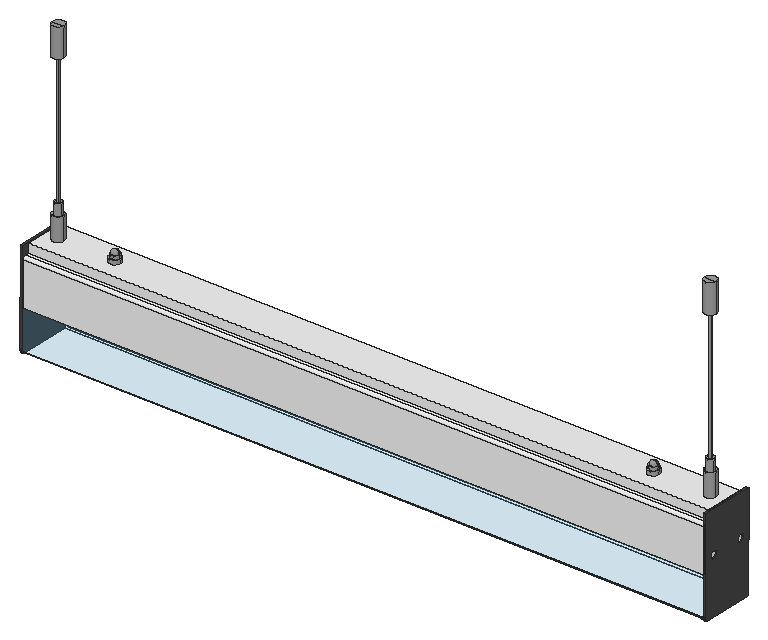
Revit family "A3-ZONY-SQR", category Lighting Fixtures, Revit 2017
Family settings
  Round Connector Dimension = Use Diameter
  Part Type = Normal
  OmniClass Number = 23.80.70.00
  OmniClass Title = Lighting
  Work Plane-Based = Yes
  Always vertical = Yes
  Cut with Voids When Loaded = No
  Light Source = No
  Shared = No
  Room Calculation Point = No
Parameters (values of type "A3-ZONY-SQR")
  Width [instance] = 24.000"
  Fixture Cap = Fixture Cap
  Fixture = Fixture
  Default Elevation = 48.000"
Reference planes (in)
  plane 1 "Light Source Axis (F/B)": y = 0
  plane 2: z = 0
  plane 3 "Light Source Axis (L/R)": x = 0
  plane 4 "Light Source Elevation": z = 0
Forms (in)
  Extrusion 1, void, not visible
    sketch origin (0, -0.9375, 0) x (1, 0, 0) y (0, 1, 0)
      loop
        line (0.4, 11.1875) -> (1.14, 11.1875) -> (1.14, 12.0155) -> (0.4, 11.1875)
    from 0 to 12
  Extrusion 2, solid, not visible
    sketch origin (0.8, 0, 0) x (0, 1, 0) y (0, 0, 1)
      loop
        line (11.078, 0.475) -> (11.078, 0.525) -> (10.98211, 0.525) -> (10.9248, 0.53001) -> (10.83812, 0.53001) -> (10.73408, 0.53912) -> (10.61631, 0.53912) -> (10.37612, 0.55) -> (10.25, 0.55) -> (10.25, 0.475) -> (11.078, 0.475)
    from -0.4 to 0.34
  Extrusion 3, void, not visible
    sketch origin (0, -0.9375, 0) x (-1, 0, 0) y (0, -1, 0)
      loop
        line (0.4, -11.1875) -> (1.14, -12.0155) -> (1.14, -11.1875) -> (0.4, -11.1875)
    from 0 to 12
  Extrusion 4, solid, not visible
    sketch origin (-0.8, 0, 0) x (0, 1, 0) y (0, 0, -1)
      loop
        line (11.078, -0.475) -> (10.25, -0.475) -> (10.25, -0.55) -> (10.37612, -0.55) -> (10.61631, -0.53912) -> (10.73408, -0.53912) -> (10.83812, -0.53001) -> (10.9248, -0.53001) -> (10.98211, -0.525) -> (11.078, -0.525) -> (11.078, -0.475)
    from -0.4 to 0.34
  Extrusion 5, solid, material "Fixture", not visible
    sketch origin (-0.45312, 0, -0.07812) x (1, 0, 0) y (0, 0, -1)
      loop
        line (-0.68687, -0.55312) -> (-0.68687, -0.60312) -> (-0.61926, -0.60312) -> (-0.56196, -0.60814) -> (-0.47919, -0.60814) -> (-0.37515, -0.61724) -> (-0.24956, -0.61724) -> (-0.00937, -0.62812) -> (0.05313, -0.62812) -> (0.85313, -0.62812) -> (0.91563, -0.62812) -> (1.15581, -0.61724) -> (1.2814, -0.61724) -> (1.38544, -0.60814) -> (1.46821, -0.60814) -> (1.52551, -0.60312) -> (1.59313, -0.60312) -> (1.59313, -0.55312) -> (0.85313, -0.55312) -> (0.05313, -0.55312) -> (-0.68687, -0.55312)
    from 10.25 to 11.078
  Extrusion 6, void, not visible
    sketch origin (0, -0.828, 0) x (1, 0, 0) y (0, 1, 0)
      loop
        line (-0.4, 11.078) -> (0.4, 11.078) -> (1.14, 11.906) -> (-1.14, 11.906) -> (-0.4, 11.078)
    from 0 to 12
  Extrusion 7, solid, not visible
    sketch origin (0, 0, 0) x (0, 1, 0) y (0, 0, 1)
      loop
        line (11.078, 0.475) -> (11.078, 0.525) -> (10.98211, 0.525) -> (10.9248, 0.53001) -> (10.83812, 0.53001) -> (10.73408, 0.53912) -> (10.61631, 0.53912) -> (10.37612, 0.55) -> (10.25, 0.55) -> (10.25, 0.475) -> (11.078, 0.475)
    from -0.4 to 0.4
  Extrusion 8, solid, material "Fixture Cap" <- "Fixture Cap", not visible
    sketch origin (-0.45313, 0.19639, -0.42188) x (1, 0, 0) y (0, 0, 1)
      loop
        line (0.85313, 1.02187) -> (0.05313, 1.02187) -> (0.05313, 0.42187) -> (0.85313, 0.42187) -> (0.85313, 1.02187)
    from 10.44639 to 10.49439
  Extrusion 9, solid, not visible
    sketch origin (0, 0, 0) x (1, 0, 0) y (0, 0, 1)
      loop
        line (-0.28721, 0.054) -> (0.28721, 0.054)
        arc (0.28721, 0.054) -> (0.32516, 0.129) -> (0.28721, 0.204) r 0.09308
        line (0.28721, 0.204) -> (-0.28721, 0.204)
        arc (-0.28721, 0.204) -> (-0.32516, 0.129) -> (-0.28721, 0.054) r 0.09308
    from 10.25 to 10.298
  Extrusion 10, solid, not visible
    sketch origin (0, 0, 0) x (0, -1, 0) y (0, 0, -1)
      loop
        line (11.078, -0.475) -> (10.25, -0.475) -> (10.25, -0.55) -> (10.37612, -0.55) -> (10.61631, -0.53912) -> (10.73408, -0.53912) -> (10.83812, -0.53001) -> (10.9248, -0.53001) -> (10.98211, -0.525) -> (11.078, -0.525) -> (11.078, -0.475)
    from -0.4 to 0.4
  Extrusion 11, void, not visible
    sketch origin (0, 0.9375, 0) x (1, 0, 0) y (0, 1, 0)
      loop
        line (0.4, -11.1875) -> (1.14, -12.0155) -> (1.14, -11.1875) -> (0.4, -11.1875)
    from 0 to 12
  Extrusion 12, solid, not visible
    sketch origin (0.8, 0, 0) x (0, -1, 0) y (0, 0, -1)
      loop
        line (11.078, -0.475) -> (10.25, -0.475) -> (10.25, -0.55) -> (10.37612, -0.55) -> (10.61631, -0.53912) -> (10.73408, -0.53912) -> (10.83812, -0.53001) -> (10.9248, -0.53001) -> (10.98211, -0.525) -> (11.078, -0.525) -> (11.078, -0.475)
    from -0.4 to 0.34
  Extrusion 13, void, not visible
    sketch origin (0, 0.9375, 0) x (-1, 0, 0) y (0, -1, 0)
      loop
        line (0.4, 11.1875) -> (1.14, 11.1875) -> (1.14, 12.0155) -> (0.4, 11.1875)
    from 0 to 12
  Extrusion 14, solid, not visible
    sketch origin (-0.8, 0, 0) x (0, -1, 0) y (0, 0, 1)
      loop
        line (11.078, 0.475) -> (11.078, 0.525) -> (10.98211, 0.525) -> (10.9248, 0.53001) -> (10.83812, 0.53001) -> (10.73408, 0.53912) -> (10.61631, 0.53912) -> (10.37612, 0.55) -> (10.25, 0.55) -> (10.25, 0.475) -> (11.078, 0.475)
    from -0.4 to 0.34
  Extrusion 15, solid, material "Fixture", not visible
    sketch origin (-0.45312, 0.828, -0.07812) x (1, 0, 0) y (0, 0, 1)
      loop
        line (-0.68687, 0.55312) -> (0.05313, 0.55312) -> (0.85313, 0.55312) -> (1.59313, 0.55312) -> (1.59313, 0.60312) -> (1.52551, 0.60312) -> (1.46821, 0.60814) -> (1.38544, 0.60814) -> (1.2814, 0.61724) -> (1.15581, 0.61724) -> (0.91563, 0.62812) -> (0.85313, 0.62812) -> (0.05313, 0.62812) -> (-0.00937, 0.62812) -> (-0.24956, 0.61724) -> (-0.37515, 0.61724) -> (-0.47919, 0.60814) -> (-0.56196, 0.60814) -> (-0.61926, 0.60312) -> (-0.68687, 0.60312) -> (-0.68687, 0.55312)
    from 11.078 to 11.906
  Extrusion 16, void, not visible
    sketch origin (0, 0.828, 0) x (1, 0, 0) y (0, 1, 0)
      loop
        line (-0.4, -11.078) -> (-1.14, -11.906) -> (1.14, -11.906) -> (0.4, -11.078) -> (-0.4, -11.078)
    from 0 to 3.69371
  Extrusion 17, void, not visible
    sketch origin (0, -0.828, 0) x (1, 0, 0) y (0, 1, 0)
      loop
        line (-0.4, 11.078) -> (0.4, 11.078) -> (1.14, 11.906) -> (-1.14, 11.906) -> (-0.4, 11.078)
    from 0 to 12
  Extrusion 18, void, not visible
    sketch origin (0, 0, 0) x (1, 0, 0) y (0, 1, 0)
      loop
        line (-1.14, -11.078) -> (1.14, -11.078) -> (0.4, -10.31119) -> (-0.4, -10.31119) -> (-1.14, -11.078)
    from 0 to 1.02088
  Extrusion 19, solid, not visible
    sketch origin (0, 0, 0) x (0, -1, 0) y (0, 0, -1)
      loop
        line (11.078, -0.475) -> (10.25, -0.475) -> (10.25, -0.55) -> (10.37612, -0.55) -> (10.61631, -0.53912) -> (10.73408, -0.53912) -> (10.83812, -0.53001) -> (10.9248, -0.53001) -> (10.98211, -0.525) -> (11.078, -0.525) -> (11.078, -0.475)
    from -1.14 to 1.14
  Extrusion 20, solid, material "Fixture Cap" <- "Fixture Cap", not visible
    sketch origin (-0.45313, 0.19639, -0.42188) x (1, 0, 0) y (0, 0, 1)
      loop
        line (0.85313, 1.02187) -> (0.05313, 1.02187) -> (0.05313, 0.42187) -> (0.85313, 0.42187) -> (0.85313, 1.02187)
    from 13.11765 to 10.50757
  Extrusion 21, solid, not visible
    sketch origin (0, 0, 0) x (1, 0, 0) y (0, 0, 1)
      loop
        line (-0.28721, 0.054) -> (0.28721, 0.054)
        arc (0.28721, 0.054) -> (0.32516, 0.129) -> (0.28721, 0.204) r 0.09308
        line (0.28721, 0.204) -> (-0.28721, 0.204)
        arc (-0.28721, 0.204) -> (-0.32516, 0.129) -> (-0.28721, 0.054) r 0.09308
    from 10.25 to 10.298
  Extrusion 22, void, not visible
    sketch origin (0, 0, 0) x (1, 0, 0) y (0, 1, 0)
      loop
        line (-0.4, -10.31119) -> (-0.4, -10.25) -> (-1.14, -10.25) -> (-1.14, -11.078) -> (-0.4, -10.31119)
      loop
        line (0.4, -10.31119) -> (1.14, -11.078) -> (1.14, -10.25) -> (0.4, -10.25) -> (0.4, -10.31119)
    from 0 to 0.95232
  Extrusion 23, solid, not visible
    sketch origin (0, 0, 0) x (1, 0, 0) y (0, 0, -1)
      loop
        arc (-0.28721, -0.054) -> (-0.32516, -0.129) -> (-0.28721, -0.204) r 0.09308
        line (-0.28721, -0.204) -> (0.28721, -0.204)
        arc (0.28721, -0.204) -> (0.32516, -0.129) -> (0.28721, -0.054) r 0.09308
        line (0.28721, -0.054) -> (-0.28721, -0.054)
    from 10.25 to 10.31169
  Extrusion 24, solid, material "Fixture Cap" <- "Fixture Cap", not visible
    sketch origin (-0.45313, -0.19639, -0.42188) x (1, 0, 0) y (0, 0, -1)
      loop
        line (0.85313, -1.02187) -> (0.85313, -0.42187) -> (0.05313, -0.42187) -> (0.05313, -1.02187) -> (0.85313, -1.02187)
    from 10.44639 to 10.50759
  Extrusion 25, solid, not visible
    sketch origin (0, 0, 0) x (1, 0, 0) y (0, 0, -1)
      loop
        arc (-0.28721, -0.054) -> (-0.32516, -0.129) -> (-0.28721, -0.204) r 0.09308
        line (-0.28721, -0.204) -> (0.28721, -0.204)
        arc (0.28721, -0.204) -> (0.32516, -0.129) -> (0.28721, -0.054) r 0.09308
        line (0.28721, -0.054) -> (-0.28721, -0.054)
    from 10.25 to 10.298
  Extrusion 26, void, not visible
    sketch origin (0, 0, 0) x (1, 0, 0) y (0, 1, 0)
      loop
        line (-0.41251, 10.3112) -> (0.41251, 10.3112) -> (1.14, 11.07873) -> (-1.14, 11.07873) -> (-0.41251, 10.3112)
    from 0 to 1.35686
  Extrusion 27, solid, not visible
    sketch origin (0, 0, 0) x (0, 1, 0) y (0, 0, 1)
      loop
        line (11.078, 0.475) -> (11.078, 0.525) -> (10.98211, 0.525) -> (10.9248, 0.53001) -> (10.83812, 0.53001) -> (10.73408, 0.53912) -> (10.61631, 0.53912) -> (10.37612, 0.55) -> (10.25, 0.55) -> (10.25, 0.475) -> (11.078, 0.475)
    from -1.14 to 1.14
  Extrusion 28, void, not visible
    sketch origin (0, 0, 0) x (1, 0, 0) y (0, 1, 0)
      loop
        line (-0.4, 10.25) -> (-0.4, 10.298) -> (-1.14, 11.07873) -> (-1.14, 10.25) -> (-0.4, 10.25)
      loop
        line (0.4, 10.25) -> (1.14, 10.25) -> (1.14, 11.07873) -> (0.4, 10.298) -> (0.4, 10.25)
    from 0 to 12
  Extrusion 29, solid, material "CAP"
    sketch origin (-0.503, 0, -10.189) x (0, 1, 0) y (0, 0, 1)
      loop
        line (0.935, 3.4) -> (-0.935, 3.4) -> (-0.935, 0.07956)
        arc (-0.935, 0.07956) -> (-0.9117, 0.0233) -> (-0.85544, 0) r 0.07956
        line (-0.85544, 0) -> (0.85544, 0)
        arc (0.85544, 0) -> (0.9117, 0.0233) -> (0.935, 0.07956) r 0.07956
        line (0.935, 0.07956) -> (0.935, 3.4)
      loop
        circle (0.586, 1.96) r 0.13631
      loop
        circle (-0.586, 1.96) r 0.13631
    from -11.581 to -11.497
  Extrusion 30, solid, material "CAP"
    sketch origin (-0.503, 0, -10.189) x (0, 1, 0) y (0, 0, -1)
      loop
        line (0.935, -3.4) -> (0.935, -0.07956)
        arc (0.935, -0.07956) -> (0.9117, -0.0233) -> (0.85544, 0) r 0.07956
        line (0.85544, 0) -> (-0.85544, 0)
        arc (-0.85544, 0) -> (-0.9117, -0.0233) -> (-0.935, -0.07956) r 0.07956
        line (-0.935, -0.07956) -> (-0.935, -3.4) -> (0.935, -3.4)
      loop
        circle (0.586, -1.96) r 0.13631
      loop
        circle (-0.586, -1.96) r 0.13631
    from -12.587 to -12.503
  Extrusion 31, solid, material "Fixture Cap"
    sketch origin (-0.503, 0, -10.189) x (0, 1, 0) y (0, 0, 1)
      loop
        line (0.69116, 3.4) -> (-0.69116, 3.4) -> (-0.69116, 3.071) -> (-0.82862, 3.071)
        arc (-0.82862, 3.071) -> (-0.90384, 3.03984) -> (-0.935, 2.96462) r 0.10638
        line (-0.935, 2.96462) -> (-0.935, 1.454) -> (0.935, 1.454) -> (0.935, 2.96462)
        arc (0.935, 2.96462) -> (0.90384, 3.03984) -> (0.82862, 3.071) r 0.10638
        line (0.82862, 3.071) -> (0.69116, 3.071) -> (0.69116, 3.4)
    from -11.497 to 12.503
  Extrusion 32, solid, material "Glass"
    sketch origin (-0.503, 0, -10.189) x (0, 1, 0) y (0, 0, 1)
      loop
        line (0.935, 1.454) -> (-0.935, 1.454) -> (-0.935, 0.07522)
        arc (-0.935, 0.07522) -> (-0.91736, 0.03264) -> (-0.87478, 0.015) r 0.06022
        line (-0.87478, 0.015) -> (0.87478, 0.015)
        arc (0.87478, 0.015) -> (0.91736, 0.03264) -> (0.935, 0.07522) r 0.06022
        line (0.935, 0.07522) -> (0.935, 1.454)
    from -11.497 to 12.503
  Revolve 33, solid, material "Default"
    sketch origin (9.913, 0, -10.189) x (1, 0, 0) y (0, 0, 1)
      loop
        line (-19.4055, 3.4) -> (-19.4055, 3.778)
        arc (-19.4055, 3.778) -> (-19.49354, 3.73564) -> (-19.51539, 3.64042) r 0.11268
        line (-19.51539, 3.64042) -> (-19.55678, 3.62933) -> (-19.55678, 3.53481) -> (-19.603, 3.52243) -> (-19.603, 3.4) -> (-19.4055, 3.4)
      axis (-19.4055, 3.778) -> (-19.4055, 3.4)
    angle from 0 to 360
  Revolve 34, solid, material "Default"
    sketch origin (8.34872, 0, -10.189) x (1, 0, 0) y (0, 0, 1)
      loop
        line (-20.04272, 3.4) -> (-19.84572, 3.4) -> (-19.84572, 10.189) -> (-20.05672, 10.189) -> (-20.05672, 9.189) -> (-19.87772, 9.189) -> (-19.87772, 4.572) -> (-19.97772, 4.572) -> (-19.97772, 4.183) -> (-20.04272, 4.183) -> (-20.04272, 3.4)
      axis (-19.84572, 3.4) -> (-19.84572, 10.189)
    angle from 0 to 360
  Revolve 35, solid, material "Default"
    sketch origin (-10.919, 0, -10.189) x (-1, 0, 0) y (0, 0, -1)
      loop
        line (-20.4115, -3.4) -> (-20.609, -3.4) -> (-20.609, -3.52243) -> (-20.56278, -3.53481) -> (-20.56278, -3.62933) -> (-20.52139, -3.64042)
        arc (-20.52139, -3.64042) -> (-20.49954, -3.73564) -> (-20.4115, -3.778) r 0.11268
        line (-20.4115, -3.778) -> (-20.4115, -3.4)
      axis (-20.4115, -3.778) -> (-20.4115, -3.4)
    angle from 0 to 360
  Revolve 36, solid, material "Default"
    sketch origin (-9.35472, 0, -10.189) x (-1, 0, 0) y (0, 0, -1)
      loop
        line (-21.04872, -3.4) -> (-21.04872, -4.183) -> (-20.98372, -4.183) -> (-20.98372, -4.572) -> (-20.88372, -4.572) -> (-20.88372, -9.189) -> (-21.06272, -9.189) -> (-21.06272, -10.189) -> (-20.85172, -10.189) -> (-20.85172, -3.4) -> (-21.04872, -3.4)
      axis (-20.85172, -3.4) -> (-20.85172, -10.189)
    angle from 0 to 360
Dimensions and locks (in)
  Extrusion 29 sketch curve to Extrusion 29 sketch curve = 3.400"
  Extrusion 30 sketch curve to Extrusion 30 sketch curve = 3.400"
  locked: Extrusion 29 to Revolve 34 sketch curve at 0.587
  locked: Extrusion 29 to Revolve 33 sketch curve at 2.5915
  locked: Extrusion 30 to Revolve 36 sketch curve at 0.587
  locked: Revolve 35 sketch curve to Extrusion 30 at 2.5915
  locked: Extrusion 29 to Extrusion 29 at 1.87
  locked: Extrusion 29 to Extrusion 29 at 3.4
  "Width": Extrusion 31 to Extrusion 31
  locked: Extrusion 30 to Extrusion 31 at 0.084
  locked: Extrusion 29 to Extrusion 31 at 0.084
  equal spacing: Extrusion 31, plane 3 "Light Source Axis (L/R)", Extrusion 31
  aligned and locked: level to plane 2
  aligned and locked: Extrusion 32 to Extrusion 30  (x3)
  aligned and locked: Extrusion 31 to Extrusion 30
  aligned and locked: Extrusion 31 to Extrusion 29  (x2)
  aligned and locked: Extrusion 32 to Extrusion 29  (x3)
  aligned and locked: Revolve 34 to Extrusion 31
  aligned and locked: Revolve 33 to Extrusion 31
Automatic sketch dimensions
  plane 1 "Light Source Axis (F/B)" to Extrusion 29 sketch curve = 0.935"
  Extrusion 29 sketch curve to Extrusion 29 sketch curve = 0.07956"
  plane 1 "Light Source Axis (F/B)" to Extrusion 29 sketch curve = 0.586"
  Extrusion 29 sketch curve to plane 1 "Light Source Axis (F/B)" = 0.586"
  Extrusion 29 sketch curve to plane 1 "Light Source Axis (F/B)" = 0.85544"
  Extrusion 29 sketch curve to plane 1 "Light Source Axis (F/B)" = 0.935"
  Extrusion 29 sketch curve to level = 10.189"
  Extrusion 29 sketch curve to Extrusion 29 sketch curve = 1.440"
  Extrusion 29 sketch curve to Extrusion 29 sketch curve = 0.000"
  plane 1 "Light Source Axis (F/B)" to Extrusion 30 sketch curve = 0.935"
  Extrusion 30 sketch curve to Extrusion 30 sketch curve = 0.07956"
  plane 1 "Light Source Axis (F/B)" to Extrusion 30 sketch curve = 0.586"
  Extrusion 30 sketch curve to plane 1 "Light Source Axis (F/B)" = 0.586"
  Extrusion 30 sketch curve to plane 1 "Light Source Axis (F/B)" = 0.85544"
  Extrusion 30 sketch curve to plane 1 "Light Source Axis (F/B)" = 0.935"
  Extrusion 30 sketch curve to level = 6.789"
  Extrusion 30 sketch curve to Extrusion 30 sketch curve = 1.440"
  Extrusion 30 sketch curve to Extrusion 30 sketch curve = 0.000"
  plane 1 "Light Source Axis (F/B)" to Extrusion 31 sketch curve = 0.935"
  Extrusion 31 sketch curve to Extrusion 31 sketch curve = 0.10638"  (x2)
  Extrusion 31 sketch curve to Extrusion 31 sketch curve = 0.13745"  (x2)
  Extrusion 31 sketch curve to plane 1 "Light Source Axis (F/B)" = 0.69116"
  Extrusion 31 sketch curve to level = 8.735"
  Extrusion 31 sketch curve to Extrusion 31 sketch curve = 1.51062"  (x2)
  Extrusion 31 sketch curve to Extrusion 31 sketch curve = 0.329"
  plane 1 "Light Source Axis (F/B)" to Extrusion 32 sketch curve = 0.935"
  Extrusion 32 sketch curve to Extrusion 32 sketch curve = 0.06022"
  Extrusion 32 sketch curve to plane 1 "Light Source Axis (F/B)" = 0.87478"
  Extrusion 32 sketch curve to plane 1 "Light Source Axis (F/B)" = 0.935"
  Extrusion 32 sketch curve to level = 10.174"
  Extrusion 32 sketch curve to Extrusion 32 sketch curve = 1.37878"
  Revolve 33 sketch curve to Revolve 33 sketch curve = 0.10989"
  Revolve 33 sketch curve to Revolve 33 sketch curve = 0.04139"
  Revolve 33 sketch curve to Revolve 33 sketch curve = 0.04622"
  Revolve 33 sketch curve to Revolve 33 sketch curve = 0.000"  (x2)
  Revolve 33 sketch curve to level = 6.789"
  Revolve 33 sketch curve to Revolve 33 sketch curve = 0.12243"
  Revolve 33 sketch curve to Revolve 33 sketch curve = 0.01238"
  Revolve 33 sketch curve to Revolve 33 sketch curve = 0.09452"
  Revolve 33 sketch curve to Revolve 33 sketch curve = 0.01109"
  Revolve 33 sketch curve to Revolve 33 sketch curve = 0.0249"
  Revolve 33 sketch curve to Revolve 33 sketch curve = 0.08378"
  Revolve 34 sketch curve to level = 0.000"
  Revolve 34 sketch curve to Revolve 34 sketch curve = 0.032"  (x2)
  Revolve 34 sketch curve to Revolve 34 sketch curve = 0.100"
  Revolve 34 sketch curve to Revolve 34 sketch curve = 0.197"
  Revolve 34 sketch curve to Revolve 34 sketch curve = 0.211"
  Revolve 34 sketch curve to level = 1.000"
  Revolve 34 sketch curve to Revolve 34 sketch curve = 4.617"
  Revolve 34 sketch curve to Revolve 34 sketch curve = 0.389"
  Revolve 34 sketch curve to Revolve 34 sketch curve = 0.783"
  Revolve 34 sketch curve to Revolve 34 sketch curve = 1.63504"
  Revolve 34 sketch curve to Revolve 34 sketch curve = 0.75982"
  Revolve 35 sketch curve to Revolve 35 sketch curve = 0.10989"
  Revolve 35 sketch curve to Revolve 35 sketch curve = 0.04139"
  Revolve 35 sketch curve to Revolve 35 sketch curve = 0.04622"
  Revolve 35 sketch curve to Revolve 35 sketch curve = 0.000"  (x2)
  Revolve 35 sketch curve to level = 6.411"
  Revolve 35 sketch curve to Revolve 35 sketch curve = 0.11268"
  Revolve 35 sketch curve to Revolve 35 sketch curve = 0.01109"
  Revolve 35 sketch curve to Revolve 35 sketch curve = 0.09452"
  Revolve 35 sketch curve to Revolve 35 sketch curve = 0.01238"
  Revolve 35 sketch curve to Revolve 35 sketch curve = 0.12243"
  Revolve 35 sketch curve to Revolve 35 sketch curve = 0.08378"
  Revolve 36 sketch curve to level = 0.000"
  Revolve 36 sketch curve to Revolve 36 sketch curve = 0.032"  (x2)
  Revolve 36 sketch curve to Revolve 36 sketch curve = 0.100"
  Revolve 36 sketch curve to Revolve 36 sketch curve = 0.197"
  Revolve 36 sketch curve to Revolve 36 sketch curve = 0.211"
  Revolve 36 sketch curve to level = 1.000"
  Revolve 36 sketch curve to Revolve 36 sketch curve = 4.617"
  Revolve 36 sketch curve to Revolve 36 sketch curve = 0.389"
  Revolve 36 sketch curve to Revolve 36 sketch curve = 0.783"
  level to Revolve 36 sketch curve = 0.75982"
  Revolve 36 sketch curve to Revolve 36 sketch curve = 1.63504"
  Extrusion 28 sketch curve to Extrusion 28 sketch curve = 0.740"  (x2)
  Extrusion 28 sketch curve to Extrusion 28 sketch curve = 0.800"
  Extrusion 28 sketch curve to Extrusion 28 sketch curve = 0.000"
  Extrusion 28 sketch curve to Extrusion 28 sketch curve = 0.048"  (x2)
  Extrusion 28 sketch curve to Extrusion 28 sketch curve = 0.82873"  (x2)
  Extrusion 18 sketch curve to Extrusion 18 sketch curve = 0.740"  (x2)
  Extrusion 18 sketch curve to Extrusion 18 sketch curve = 0.800"
  Extrusion 18 sketch curve to Extrusion 18 sketch curve = 0.76681"
  Extrusion 19 sketch curve to Extrusion 19 sketch curve = 0.12612"
  Extrusion 19 sketch curve to Extrusion 19 sketch curve = 0.24019"
  Extrusion 19 sketch curve to Extrusion 19 sketch curve = 0.11777"
  Extrusion 19 sketch curve to Extrusion 19 sketch curve = 0.10404"
  Extrusion 19 sketch curve to Extrusion 19 sketch curve = 0.08667"
  Extrusion 19 sketch curve to Extrusion 19 sketch curve = 0.05731"
  Extrusion 19 sketch curve to Extrusion 19 sketch curve = 0.09589"
  Extrusion 19 sketch curve to Extrusion 19 sketch curve = 0.050"
  Extrusion 19 sketch curve to Extrusion 19 sketch curve = 0.00501"
  Extrusion 19 sketch curve to Extrusion 19 sketch curve = 0.0091"
  Extrusion 19 sketch curve to Extrusion 19 sketch curve = 0.075"
  Extrusion 20 sketch curve to Extrusion 20 sketch curve = 0.800"
  Extrusion 20 sketch curve to Extrusion 20 sketch curve = 0.600"
  Extrusion 21 sketch curve to Extrusion 21 sketch curve = 0.000"
  Extrusion 21 sketch curve to Extrusion 21 sketch curve = 0.05513"  (x3)
  Extrusion 21 sketch curve to Extrusion 21 sketch curve = 0.46415"
  Extrusion 21 sketch curve to Extrusion 21 sketch curve = 0.075"
  Extrusion 22 sketch curve to Extrusion 22 sketch curve = 0.740"  (x2)
  Extrusion 22 sketch curve to Extrusion 22 sketch curve = 0.800"
  Extrusion 22 sketch curve to Extrusion 22 sketch curve = 0.000"  (x2)
  Extrusion 22 sketch curve to Extrusion 22 sketch curve = 0.76681"
  Extrusion 22 sketch curve to Extrusion 22 sketch curve = 0.06119"  (x2)
  radius of Extrusion 29 sketch curve = 0.13631"  (x2)
  radius of Extrusion 30 sketch curve = 0.13631"  (x2)
